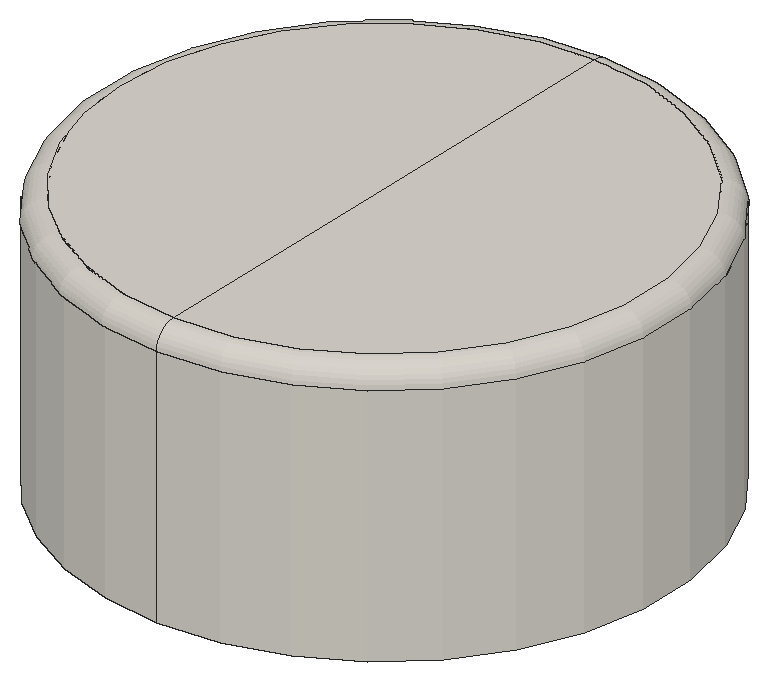
Revit family "MixerTap_Hob_Abey_PocoP_FaceBased", category Plumbing Fixtures, host Face, Revit 2022
Family settings
  Host = Face
  Round Connector Dimension = Use Diameter
  Part Type = Normal
  OmniClass Number = 23.31.11.00
  OmniClass Title = Faucets
  Cut with Voids When Loaded = No
  Maintain Annotation Orientation = No
  Shared = No
  Room Calculation Point = No
Parameters (values of type "Brushed Nickel - (8HM-BN-LF)")
  Waste Connection = no
  Vent Connection = no
  Uniclass2015Version = "Products v1.38"
  Uniclass2015Title = "Mixer taps"
  Uniclass2015Code = "Pr_40_20_87_55"
  URL = "https://www.abey.com.au/"
  Type Comments = "Mixer Tap - Hob - Brushed Nickel"
  ModifiedIssue = 20251103
  Model = "8HM-BN-LF"
  KnurledMaterial = Metal_Abey_BrushedNickel_Knurled
  BodyMaterial = Metal_Abey_BrushedNickel
  ManufacturerURLProductSpecific = "https://www.abeyspecifier.com.au/product/poco-p-hob-mixer-complete/"
  ManufacturerSpecCode = Model  # "8HM-BN-LF"
  ManufacturerOverallWidth = 54 mm  # constant formula
  ManufacturerOverallHeight = 25 mm  # constant formula
  ManufacturerOverallDepth = 54 mm  # constant formula
  Manufacturer = "Abey"  # constant formula
  Keynote = ""
  IfcExportType = "FAUCET"
  IfcExportAs = "IfcValve"
  HW Connection = yes
  Description = "Poco P Hob Mixer Complete"
  Default Elevation = 0 mm
  CreatedByURL = "https://igsgroup.com.au"
  CreatedBy = "IGS BIM Solutions"  # constant formula
  Cost = 0
  CW Connection = yes
  Assembly Code = "C1030210"
Types (2, lengths in mm): name | Type Comments | KnurledMaterial | BodyMaterial
  Brushed Nickel - (8HM-BN-LF) | "Mixer Tap - Hob - Brushed Nickel" | Metal_Abey_BrushedNickel_Knurled | Metal_Abey_BrushedNickel
  Gun Metal - (8HM-GM-LF) | "Mixer Tap - Hob - Gun Metal" | Metal_Abey_GunMetal_Knurled | Metal_Abey_GunMetal
Reference planes
  plane 1 "SpoutCenter (Front/Back)": y = 29.5
  plane 2 "Bottom": z = 0
  plane 3 "Center (Left/Right)": x = 18.07
  plane 4 "Front": y = 2.5
  plane 5 "Back": y = 56.5
  plane 6 "Left": x = -8.93
  plane 7 "Right": x = 45.07
  plane 8 "Top": z = 25
Forms (mm)
  Extrusion 1, void
    sketch origin (0, 0, 0) x (1, 0, 0) y (0, 1, 0)
      loop
        circle (18.07, 29.5) r 15
    from 0 to -30
Text (mm)
  text "Disclaimer:\nDue to ongoing product development and manufacturing evolution, product details are subject to change without notice. Please refer to product technical data sheets on the manufacturers website for the most current product information. Please allow a +/- 5mm manufacturing tolerance for dimensions and set-outs shown in product literature." at (92.879, 74.225, 0), in view "Ref. Level"
Dimensions and locks
  "ManufacturerOverallHeight": plane 8 "Top" to plane 2 "Bottom"
  "ManufacturerOverallWidth": plane 6 "Left" to plane 7 "Right"
  "ManufacturerOverallDepth": plane 4 "Front" to plane 5 "Back"
  equal spacing: plane 6 "Left", plane 3 "Center (Left/Right)", plane 7 "Right"
  equal spacing: plane 4 "Front", plane 1 "SpoutCenter (Front/Back)", plane 5 "Back"
  aligned and locked: plane 2 "Bottom" to host face
  aligned and locked: level to host face
  aligned and locked: plane 1 "SpoutCenter (Front/Back)" to nested 1
  aligned and locked: plane 3 "Center (Left/Right)" to nested 1
  aligned and locked: nested 1 to plane 2 "Bottom"
Automatic sketch dimensions
  host sketch curve to host sketch curve = 102.112 mm
  host sketch curve to host sketch curve = 101.358 mm
  plane 1 "SpoutCenter (Front/Back)" to Extrusion 1 sketch curve = 0 mm
  Extrusion 1 sketch curve to plane 3 "Center (Left/Right)" = 0 mm
  radius of Extrusion 1 sketch curve = 15 mm
Nested families
  nested 1: "z_MixerTap_Hob_Abey_PocoP" at (81.07, -121, 0), type "Type 1"
Connectors
  piping at (25.57, 29.5, -1), diameter 12.7, driven by "CW Connection"
    settings: on nested 1, index 1, connector inside diameter 24", connector length 0 mm, flow factor 0, pipe flow 0.00 L/s, pressure drop 0 kPa, fitting loss kfactor 0, connector angle 0.00°, fixture units 0, engagement length 0 mm, angle of deflection 0.00°, flow configuration 2, flow direction 1, fitting loss method 0, system type 20, joint type 0, gender type 0, connector reference index -1, connector utility 1, adjustable connector no, is connector primary yes, connector description "Cold Water Supply"
  piping at (10.57, 29.5, -1), diameter 12.7, driven by "HW Connection"
    settings: on nested 1, index 2, connector inside diameter 24", connector length 0 mm, flow factor 0, pipe flow 0.00 L/s, pressure drop 0 kPa, fitting loss kfactor 0, connector angle 0.00°, fixture units 0, engagement length 0 mm, angle of deflection 0.00°, flow configuration 2, flow direction 1, fitting loss method 0, system type 19, joint type 0, gender type 0, connector reference index -1, connector utility 1, adjustable connector no, is connector primary no, connector description "Hot Water Supply"
Definition of nested family "z_MixerTap_Hob_Abey_PocoP"
  Parameters (values of type "Type 1")
    Waste Connection = no
    Vent Connection = no
    Uniclass2015Version = ""
    Uniclass2015Title = ""
    Uniclass2015Code = ""
    URL = ""
    Type Comments = ""
    ModifiedIssue = 0
    Model = ""
    ManufacturerURLProductSpecific = ""
    ManufacturerSpecCode = ""
    ManufacturerOverallWidth = 54 mm  # constant formula
    ManufacturerOverallHeight = 25 mm  # constant formula
    ManufacturerOverallDepth = 54 mm  # constant formula
    Manufacturer = "Abey"
    KnurledMaterial = none
    IfcExportType = ""
    IfcExportAs = ""
    HW Connection = yes
    Description = ""
    Default Elevation = 1219.2 mm
    CreatedByURL = "https://igsgroup.com.au"
    CreatedBy = "IGS BIM Solutions"  # constant formula
    CW Connection = yes
    BodyMaterial = none
    Assembly Code = ""
  Reference planes
    plane 1 "Ref. Level": z = 0
    plane 2 "Left": x = -90
    plane 3 "Right": x = -36
    plane 4 "Back": y = 177.5
    plane 5 "Bottom": z = 0
    plane 6 "Top": z = 25
    plane 7 "Center (Front/Back)": y = 150.5
    plane 8 "Center (Left/Right)": x = -63
    plane 9 "Front": y = 123.5
  Forms (mm)
    Revolve 1, solid, material <- "BodyMaterial"
      sketch origin (-63, 1161.962, 4000) x (0, 1, 0) y (0, 0, 1)
        loop
          line (-1011.462, -4000) -> (-984.462, -4000) -> (-984.462, -3977)
          arc (-984.462, -3977) -> (-985.048, -3975.586) -> (-986.462, -3975) r 2
          line (-986.462, -3975) -> (-1011.462, -3975) -> (-1011.462, -4000)
        axis (-1011.462, -4000) -> (-1011.462, -3975)
      angle from 0 to 360
    Extrusion 2, solid, material <- "BodyMaterial"
      sketch origin (0, 0, 0) x (0, -1, 0) y (1, 0, 0)
        loop
          circle (-150.5, -55.5) r 6.35
        loop
          circle (-150.5, -70.5) r 6.35
      from 0 to -1
  Lines and regions (mm)
    Masking region 1
      outline origin (0, 0, 25) x (0, -1, 0) y (1, 0, 0)
        loop
          circle (-150.5, -63) r 27
  Dimensions and locks
    "ManufacturerOverallWidth": plane 2 "Left" to plane 3 "Right"
    "ManufacturerOverallHeight": plane 6 "Top" to plane 5 "Bottom"
    equal spacing: plane 2 "Left", plane 8 "Center (Left/Right)", plane 3 "Right"
    "ManufacturerOverallDepth": plane 9 "Front" to plane 4 "Back"
    locked: plane 7 "Center (Front/Back)" to plane 4 "Back" at 27
    aligned and locked: level to plane 1 "Ref. Level"
  Automatic sketch dimensions
    plane 5 "Bottom" to Revolve 1 sketch curve = 0 mm
    Revolve 1 sketch curve to plane 7 "Center (Front/Back)" = 0 mm  (x2)
    plane 6 "Top" to Revolve 1 sketch curve = 0 mm
    Revolve 1 sketch curve to plane 4 "Back" = 0 mm
    Revolve 1 sketch curve to plane 4 "Back" = 2 mm
    plane 5 "Bottom" to Revolve 1 sketch curve = 11.447 mm
    Revolve 1 sketch curve to plane 6 "Top" = 5.547 mm
    plane 7 "Center (Front/Back)" to Extrusion 2 sketch curve = 0 mm  (x2)
    Extrusion 2 sketch curve to plane 8 "Center (Left/Right)" = 7.5 mm
    plane 8 "Center (Left/Right)" to Extrusion 2 sketch curve = 7.5 mm
    plane 7 "Center (Front/Back)" to Masking region 1 sketch curve = 0 mm
    Masking region 1 sketch curve to plane 8 "Center (Left/Right)" = 0 mm
    radius of Extrusion 2 sketch curve = 6.35 mm  (x2)
    radius of Masking region 1 sketch curve = 27 mm
